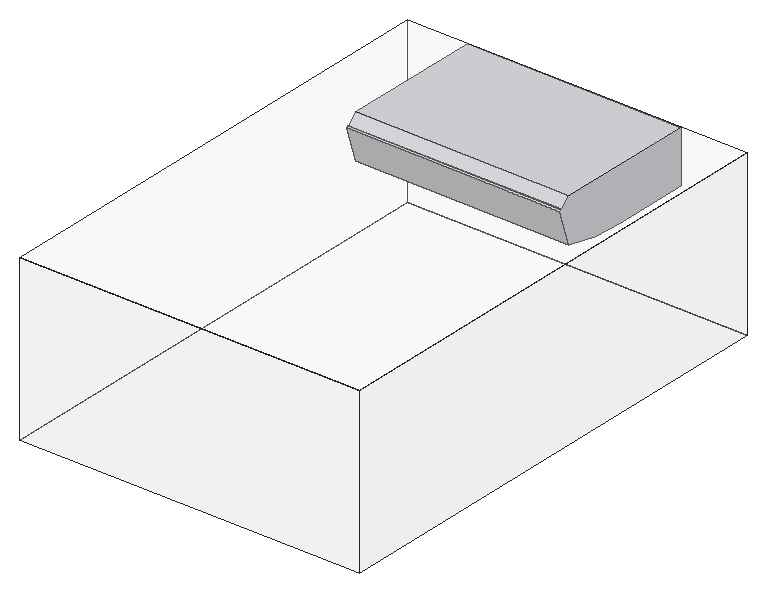
Revit family "pcfy-mp45_160km_60Hz", category 機械設備, Revit 2019
Family settings
  丸型コネクタ寸法 = 直径を使用
  パーツ タイプ = 標準
  OmniClass 番号 = 23.75.10.24.21.27.27
  OmniClass タイトル = Split System Air Conditioning Units
  作業面ベース = いいえ
  常に垂直 = はい
  ロード時にボイドで切り取り = いいえ
  共有 = いいえ
  部屋計算ポイント = はい
Parameters (values of type "天吊_PCFY-MP45KM")
  風量_弱 (㎥/min) = 9
  風量_中2 (㎥/min) = 10
  風量_中 (㎥/min) = 11
  風量_強 (㎥/min) = 12
  風量 = MAX風量  # 720.0 m³/h
  音響パワーレベル_弱 (dB) = 48
  音響パワーレベル_中2 (dB) = 49
  音響パワーレベル_中 (dB) = 51
  音響パワーレベル_強 (dB) = 53
  音響パワーレベル (dB) = [音響パワーレベル_強 (dB)]  # 53
  電源種別 = ""
  電源_H = 0 mm
  電圧 = 200 V
  電動機出力_送風機 = 0.09 kW
  運転質量 = 0.00 kg
  連動 = ""
  質量 = if(製品質量 > 運転質量, 製品質量, 運転質量) * 1.2  # 28.80 kg
  負荷分類 = 3_ファン類
  説明 = "ビル用マルチ 天吊形室内機"
  設計暖房能力 = 0.00 kW
  設計冷房能力_顕熱 = 0 kW
  設計冷房能力 = 0 kW
  設置方法 = "天井吊形"
  記号 = ""
  製造元 = "三菱電機株式会社"
  製品質量 = 24.00 kg
  製品出荷対象 = "国内"
  製品リリース年月 = ""
  製品グループ = ""
  系統 = ""
  符号 = "ACP-CR"
  積算_科目 = "1 空気調和設備"
  積算_拾い区分 [instance] = ""
  相 = 1
  盤記号 = ""
  発停方法 = "付属スイッチ"
  特殊仕様 = ""
  点検口離隔 [instance] = if(点検口離隔入力値 > 200 mm, 200 mm, if(点検口離隔入力値 < 150 mm, 150 mm, 点検口離隔入力値))  # 150 mm
  点検口離隔入力値 [instance] = 0 mm
  点検口設置範囲 = 0 mm
  点検口 = yes
  火災停止 = ""
  消費電力_暖房 = 0.04 kW
  消費電力_冷房 = 0.05 kW
  消費電力 = if(消費電力_冷房 > 消費電力_暖房, 消費電力_冷房, 消費電力_暖房)  # 0.05 kW
  法定耐用年数 = "6"
  極数 = 1
  材質 = ""
  本体マテリアル = none
  有効加湿量 = 0
  暖房能力 = 5.00 kW
  推奨ブレーカー容量 = 0 A
  形式_加湿器 = ""
  形式 = "天井吊（露出）形"
  幹線記号 = ""
  始動方式 = "直入"
  呼称 = "室内機_天井吊(露出)形"
  周波数 = 60 Hz
  吊り位置Y = 320 mm
  吊り位置X = 917 mm
  吊りボルト_H = 50 mm
  台数_手元リモコン = ""
  台数_冷媒分岐ユニット = ""
  参照している仕様書等のバージョン = "公共建築物標準仕様書（機械設備工事編）平成31年度版"
  分類コード = "50053003221080"
  分類グループ = ""
  冷房能力 = 4.5 kW
  冷媒管径符号 = "Ac"
  冷媒管径 = 100.00 mm
  冷媒液管高さ = 126 mm
  冷媒液管長さ = 184 mm
  冷媒液管径 = 6.35 mm
  冷媒ガス管高さ = 126 mm
  冷媒ガス管長さ = 203 mm
  冷媒ガス管径 = 12.70 mm
  企業コード = "108420"
  付属品_フィルター = ""
  付属品 = ""
  仕様書バージョン = "Version1.0"
  モデル = "PCFY-MP45KM"
  パネルマテリアル = none
  ドレン管高さ = 190 mm
  ドレン管径 (外径) = 26.00 mm
  ドレン管径 = 20.00 mm
  サービススペース = yes
  コメント [instance] = ""
  ケーブル種類 = ""
  ケーブルサイズ = 0 mm
  【値が 0 の項目は組合せ形名にてご確認ください】 = ""
  Width = 960 mm
  Version = ""
  Uniclass2015Version = "Systems v1.9"
  Uniclass2015Title = "Split coil remote air cooled condensing units"
  Uniclass2015Code = "Pr_70_65_03_84"
  URL = "https://www.mitsubishielectric.co.jp/ldg/wink/ssl/top.do"
  SpecificationReference = ""
  SpecificationDescription = ""
  Revision = ""
  ProductInformation = ""
  OmniClassCode = "23-33 17 13 11"
  MIN風量 = [風量_弱 (㎥/min)] * 60.0 m³/h  # 540.0 m³/h
  MID風量2 = [風量_中2 (㎥/min)] * 60.0 m³/h  # 600.0 m³/h
  MID風量 = [風量_中 (㎥/min)] * 60.0 m³/h  # 660.0 m³/h
  MAX風量 = [風量_強 (㎥/min)] * 60.0 m³/h  # 720.0 m³/h
  IfcTypeProduct = ""
  IfcProduct = ""
  IfcExportType = "AIRCONDITIONINGUNIT"
  IfcExportAs = "IfcUnitaryEquipmentType"
  Height_本体 = 230 mm
  Height = Height_本体 + 6 mm  # 236 mm
  Depth = 680 mm
  Clearance Top = 1 mm
  Clearance Right = 300 mm  # constant formula
  Clearance Left = 270 mm  # constant formula
  Clearance Front = 1500 mm
  Clearance Bottom = 500 mm  # constant formula
  Clearance Back = 0 mm  # constant formula
  Author = "三菱電機株式会社"
Types (8, lengths in mm): name | 風量_弱 (㎥/min) | 風量_中2 (㎥/min) | 風量_中 (㎥/min) | 風量_強 (㎥/min) | 風量 | 音響パワーレベル_弱 (dB) | 音響パワーレベル_中2 (dB) | 音響パワーレベル_中 (dB) | 音響パワーレベル_強 (dB) | 音響パワーレベル (dB) | 電動機出力_送風機 | 質量 | 製品質量 | 消費電力_暖房 | 消費電力_冷房 | 消費電力 | 暖房能力 | 吊り位置X | 冷房能力 | 冷媒管径符号 | 冷媒液管径 | 冷媒ガス管長さ | 冷媒ガス管径 | モデル | Width | MIN風量 | MID風量2 | MID風量 | MAX風量
  天吊_PCFY-MP45KM | 9 | 10 | 11 | 12 | 720.0 m³/h | 48 | 49 | 51 | 53 | 53 | 0.09 kW | 28.80 kg | 24.00 kg | 0.04 kW | 0.05 kW | 0.05 kW | 5.00 kW | 917 | 4.5 kW | "Ac" | 6.35 | 203 | 12.70 | "PCFY-MP45KM" | 960 | 540.0 m³/h | 600.0 m³/h | 660.0 m³/h | 720.0 m³/h
  天吊_PCFY-MP56KM | 10 | 11 | 12 | 13 | 780.0 m³/h | 49 | 51 | 53 | 55 | 55 | 0.09 kW | 28.80 kg | 24.00 kg | 0.05 kW | 0.06 kW | 0.06 kW | 6.30 kW | 917 | 5.6 kW | "Ac" | 6.35 | 203 | 12.70 | "PCFY-MP56KM" | 960 | 600.0 m³/h | 660.0 m³/h | 720.0 m³/h | 780.0 m³/h
  天吊_PCFY-MP71KM | 14 | 15 | 16 | 18 | 1080.0 m³/h | 52 | 53 | 54 | 55 | 55 | 0.095 kW | 38.40 kg | 32.00 kg | 0.07 kW | 0.08 kW | 0.08 kW | 8.00 kW | 1237 | 7.1 kW | "Bd" | 9.52 | 200 | 15.88 | "PCFY-MP71KM" | 1280 | 840.0 m³/h | 900.0 m³/h | 960.0 m³/h | 1080.0 m³/h
  天吊_PCFY-MP80KM | 14 | 15 | 16 | 18 | 1080.0 m³/h | 52 | 53 | 54 | 55 | 55 | 0.095 kW | 38.40 kg | 32.00 kg | 0.07 kW | 0.08 kW | 0.08 kW | 9.00 kW | 1237 | 8 kW | "Bd" | 9.52 | 200 | 15.88 | "PCFY-MP80KM" | 1280 | 840.0 m³/h | 900.0 m³/h | 960.0 m³/h | 1080.0 m³/h
  天吊_PCFY-MP90KM | 15 | 16 | 18 | 20 | 1200.0 m³/h | 54 | 55 | 56 | 58 | 58 | 0.095 kW | 38.40 kg | 32.00 kg | 0.08 kW | 0.09 kW | 0.09 kW | 10.00 kW | 1237 | 9 kW | "Bd" | 9.52 | 200 | 15.88 | "PCFY-MP90KM" | 1280 | 900.0 m³/h | 960.0 m³/h | 1080.0 m³/h | 1200.0 m³/h
  天吊_PCFY-MP112KM | 20 | 22 | 25 | 28 | 1680.0 m³/h | 55 | 57 | 59 | 61 | 61 | 0.16 kW | 43.20 kg | 36.00 kg | 0.13 kW | 0.14 kW | 0.14 kW | 12.50 kW | 1557 | 11.2 kW | "Bd" | 9.50 | 200 | 15.88 | "PCFY-MP112KM" | 1600 | 1200.0 m³/h | 1320.0 m³/h | 1500.0 m³/h | 1680.0 m³/h
  天吊_PCFY-MP140KM | 21 | 24 | 27 | 31 | 1860.0 m³/h | 57 | 59 | 61 | 63 | 63 | 0.16 kW | 45.60 kg | 38.00 kg | 0.15 kW | 0.16 kW | 0.16 kW | 16.00 kW | 1557 | 14 kW | "Bd" | 9.52 | 200 | 15.88 | "PCFY-MP140KM" | 1600 | 1260.0 m³/h | 1440.0 m³/h | 1620.0 m³/h | 1860.0 m³/h
  天吊_PCFY-MP160KM | 21 | 24 | 27 | 31 | 1860.0 m³/h | 58 | 60 | 62 | 64 | 64 | 0.16 kW | 46.80 kg | 39.00 kg | 0.18 kW | 0.19 kW | 0.19 kW | 18.00 kW | 1557 | 16 kW | "Bd" | 9.52 | 200 | 15.88 | "PCFY-MP160KM" | 1600 | 1260.0 m³/h | 1440.0 m³/h | 1620.0 m³/h | 1860.0 m³/h
Reference planes
  plane 1 "中心(正面/背面)": y = 0
  plane 2: z = 0
  plane 3 "中心(左/右)": x = 0
  plane 4: z = 236
  plane 5: x = -458.5
  plane 6: x = 458.5
  plane 7: y = 260
  plane 8: y = -60
  plane 9: y = 340
  plane 10: y = -340
  plane 11: x = -480
  plane 12: x = 480
  plane 13: x = -750
  plane 14: x = 780
  plane 15: y = 340
  plane 16: y = -1840
  plane 17: z = 237
  plane 18: z = -1020
  plane 19: z = -500
  plane 20: x = -662
Dimensions and locks
  "吊り位置X": plane 5 to plane 6
  equal spacing: plane 5, plane 3 "中心(左/右)", plane 6
  "吊り位置Y": plane 8 to plane 7
  equal spacing: plane 10, plane 1 "中心(正面/背面)", plane 9
  "Depth": plane 10 to plane 9
  equal spacing: plane 11, plane 3 "中心(左/右)", plane 12
  "Width": plane 11 to plane 12
  "Clearance Back": plane 9 to plane 15
  "Clearance Front": plane 16 to plane 10
  "Clearance Right": plane 12 to plane 14
  "Clearance Left": plane 13 to plane 11
  "Height": plane 4 to level
  locked: plane 7 to plane 9 at 80
  "Clearance Bottom": level to plane 19
  "Clearance Top": plane 17 to plane 4
  aligned and locked: level to plane 2
  aligned and locked: plane 5 to nested 2
  aligned and locked: plane 6 to nested 2
  aligned and locked: nested 2 to plane 7
  aligned and locked: plane 8 to nested 2
  aligned and locked: nested 1 to plane 13
  aligned and locked: nested 1 to plane 14
  aligned and locked: plane 16 to nested 1
  aligned and locked: plane 15 to nested 1
  aligned and locked: plane 17 to nested 1
  aligned and locked: plane 1 "中心(正面/背面)" to nested 3
  aligned and locked: plane 3 "中心(左/右)" to nested 3
  aligned and locked: plane 19 to nested 1
Nested families
  nested 1: "サービススペース" at (15, -750, -131.5), visible <- "サービススペース", type "サービススペース"
    with Width 1530 mm, Height 737 mm, Depth 2180 mm
  nested 2: "固定点" at (-458.5, -60, 0), type "固定点"
    with W 917 mm, D 320 mm
  nested 3: "PCFY-P-KMG" at (0, 0, 0), type "PCFY-P-KMG", detail levels fine
Connectors
  electrical at (196, 339, 206), driven by "極数", driven by "負荷分類", driven by "電圧", driven by "消費電力"
    settings: on nested 3, index 1, voltage 200 V, apparent load 50 VA, apparent load phase1 0 VA, apparent load phase2 0 VA, apparent load phase3 0 VA, power factor 1, load classification "3_ファン類", number of poles 1, system type 30, power factor state 1, is connector primary yes, connector utility no, sub classification motor no, connector description ""
  piping at (351.5, 140, 110), diameter 6.35, driven by "冷媒液管径"
    settings: on nested 3, index 2, connector inside diameter 609.60 mm, connector length 0 mm, flow factor 0, pipe flow 0.0 L/s, pressure drop 0.0 Pa, fitting loss kfactor 0, connector angle 0.00°, fixture units 0, engagement length 0 mm, angle of deflection 0.00°, flow configuration 1, flow direction 1, fitting loss method 4, system type 7, joint type 0, gender type 0, connector reference index -1, connector utility 0, adjustable connector no, is connector primary yes, connector description ""
  piping at (342, 94, 46), diameter 20, driven by "ドレン管径"
    settings: on nested 3, index 3, connector inside diameter 609.60 mm, connector length 0 mm, flow factor 0, pipe flow 0.0 L/s, pressure drop 0.0 Pa, fitting loss kfactor 0, connector angle 0.00°, fixture units 0, engagement length 0 mm, angle of deflection 0.00°, flow configuration 1, flow direction 2, fitting loss method 0, system type 16, joint type 0, gender type 0, connector reference index -1, connector utility 0, adjustable connector no, is connector primary no, connector description ""
  piping at (-405, 94, 46), diameter 20, driven by "ドレン管径"
    settings: on nested 3, index 4, connector inside diameter 609.60 mm, connector length 0 mm, flow factor 0, pipe flow 0.0 L/s, pressure drop 0.0 Pa, fitting loss kfactor 0, connector angle 0.00°, fixture units 0, engagement length 0 mm, angle of deflection 0.00°, flow configuration 1, flow direction 2, fitting loss method 4, system type 16, joint type 0, gender type 0, connector reference index -1, connector utility 0, adjustable connector no, is connector primary no, connector description ""
Definition of nested family "サービススペース"
  Parameters (values of type "サービススペース")
    Width [instance] = 500 mm
    Height [instance] = 500 mm
    Depth [instance] = 500 mm
  Reference planes
    plane 1 "中心(正面/背面)": y = 0
    plane 2: z = 0
    plane 3 "中心(左/右)": x = 0
    plane 4: y = -250
    plane 5: x = 250
    plane 6: y = 250
    plane 7: x = -250
    plane 8: z = 250
    plane 9: z = -250
  Forms (mm)
    Extrusion 1, solid
      sketch origin (-638.939, 0, 72.39) x (1, 0, 0) y (0, 1, 0)
        loop
          line (388.939, 250) -> (388.939, -250) -> (888.939, -250) -> (888.939, 250) -> (388.939, 250)
      from -322.39 to 177.61
  Lines and regions (mm)
    symbolic lines
      curve 1: line (-250, 0, 250) -> (250, 0, 250)
      curve 2: line (-250, 0, -250) -> (-250, 0, 250)
      curve 3: line (250, 0, -250) -> (-250, 0, -250)
      curve 4: line (250, 0, 250) -> (250, 0, -250)
      curve 5: line (0, -250, 250) -> (0, 250, 250)
      curve 6: line (0, -250, -250) -> (0, -250, 250)
      curve 7: line (0, 250, -250) -> (0, -250, -250)
      curve 8: line (0, 250, 250) -> (0, 250, -250)
      curve 9: line (-250, 250, 0) -> (250, 250, 0)
      curve 10: line (-250, -250, 0) -> (-250, 250, 0)
      curve 11: line (250, -250, 0) -> (-250, -250, 0)
      curve 12: line (250, 250, 0) -> (250, -250, 0)
  Dimensions and locks
    equal spacing: plane 7, plane 3 "中心(左/右)", plane 5
    equal spacing: plane 4, plane 1 "中心(正面/背面)", plane 6
    "Depth": plane 4 to plane 6
    "Width": plane 7 to plane 5
    equal spacing: plane 8, plane 2, plane 9
    "Height": plane 8 to plane 9
    aligned and locked: plane 9 to curve 3
    aligned and locked: plane 7 to curve 2
    aligned and locked: curve 4 to plane 5
    aligned and locked: plane 5 to Extrusion 1
    aligned and locked: Extrusion 1 to plane 7
    aligned and locked: Extrusion 1 to plane 9
    aligned and locked: plane 8 to Extrusion 1
    aligned and locked: plane 9 to curve 7
  Automatic sketch dimensions
    plane 4 to Extrusion 1 sketch curve = 0 mm
    Extrusion 1 sketch curve to plane 7 = 0 mm
    Extrusion 1 sketch curve to plane 5 = 0 mm
    plane 6 to Extrusion 1 sketch curve = 0 mm
    curve 2 to plane 8 = 0 mm
    plane 4 to curve 11 = 0 mm
    curve 11 to plane 7 = 0 mm
    curve 11 to plane 5 = 0 mm
    plane 6 to curve 10 = 0 mm
    curve 7 to plane 4 = 0 mm
    curve 7 to plane 6 = 0 mm
    curve 6 to plane 8 = 0 mm
Definition of nested family "PCFY-P-KMG"
  Parameters (values of type "PCFY-P-KMG")
    配線取出口サイズ = 22 mm
    配線取出口-Z = 0 mm
    配線取出口-Y = 0 mm
    配線取出口-X = 0 mm
    液配管サイズ = 100 mm
    高さ = 236 mm
    奥行き = 680 mm
    吊りボルト_H = 50 mm
    冷媒配管サイズ = 6.35 mm
    冷媒液管径-Z = 0 mm
    冷媒液管径-Y = 0 mm
    冷媒液管径-X = 0 mm
    冷媒ガス管径-Z = 0 mm
    冷媒ガス管径-Y = 0 mm
    冷媒ガス管径-X = 0 mm
    吊りボルト-W = 917 mm
    マテリアル = none
    ドレン配管サイズ = 26 mm
    ドレン管径-Z = 0 mm
    ドレン管径-Y = 0 mm
    ドレン管径-X = 0 mm
    ガス配管サイズ = 12.7 mm
    吊りボルト-D = 320 mm
    幅さ = 960 mm
  Reference planes
    plane 1 "中心(正面/背面)": y = 0
    plane 2: z = 0
    plane 3 "中心(左/右)": x = 0
    plane 4: z = 236
    plane 5: x = -480
    plane 6: x = 480
    plane 7: y = 340
    plane 8: y = -340
    plane 9: y = -289
    plane 10: y = -330
    plane 11: y = -335
    plane 12: z = 84
    plane 13: z = 172
    plane 14: z = 195
    plane 15: z = 200
    plane 16: z = 40
    plane 17: x = -426.5
    plane 18: x = 426.5
    plane 19: x = 373
    plane 20: y = -136
    plane 21: y = -193
    plane 22: y = 86
    plane 23: z = 110
    plane 24: z = 46
    plane 25: x = -469
    plane 26: y = 156
    plane 27: y = 137
    plane 28: y = 94
    plane 29: x = -158
    plane 30: z = 206
    plane 31: x = -405
    plane 32: x = 342
    plane 33: x = 394
    plane 34: x = 309
    plane 35: x = 196
    plane 36: x = 168
    plane 37: y = 140
  Forms (mm)
    Extrusion 1, solid, material <- "マテリアル"
      sketch origin (480, 1296.25, 1200) x (0, 1, 0) y (0, 0, 1)
        loop
          line (-1585.25, -964) -> (-1626.25, -1000) -> (-1631.25, -1000) -> (-1636.25, -1005) -> (-1585.25, -1160)
          arc (-1585.25, -1160) -> (-1442.128, -1189.953) -> (-1296.25, -1200) r 1064.013
          line (-1296.25, -1200) -> (-956.25, -1200) -> (-956.25, -964) -> (-1585.25, -964)
      from -960 to 0
    Extrusion 2, solid, material <- "マテリアル"
      sketch origin (674, 0, 0) x (1, 0, 0) y (0, 0, 1)
        loop
          circle (-478, 206) r 11
      from -339 to -340
    Extrusion 3, solid, material <- "マテリアル"
      sketch origin (0, 0, 0) x (-1, 0, 0) y (0, 0, -1)
        loop
          circle (-394, -110) r 6.35
      from -140 to -37
    Extrusion 4, solid, material <- "マテリアル"
      sketch origin (0, 0, 0) x (-1, 0, 0) y (0, 0, -1)
        loop
          circle (-351.5, -110) r 50
      from -140 to -37
    Extrusion 5, solid, material <- "マテリアル"
      sketch origin (0, 0, 0) x (-1, 0, 0) y (0, 0, -1)
        loop
          circle (-309, -110) r 3.175
      from -156 to -56
    Extrusion 6, solid, material <- "マテリアル"
      sketch origin (0, 0, 0) x (-1, 0, 0) y (0, 0, -1)
        loop
          circle (405, -46) r 13
        loop
          circle (-342, -46) r 13
      from -94 to 6
    Extrusion 7, solid, material <- "マテリアル"
      sketch origin (646, 0, 0) x (1, 0, 0) y (0, 0, 1)
        loop
          circle (-478, 206) r 11
      from -339 to -340
    Extrusion 8, solid, material <- "マテリアル"
      sketch origin (674, 0, -169) x (1, 0, 0) y (0, 0, 1)
        loop
          circle (-478, 206) r 11
      from -339 to -340
    Extrusion 9, solid, material <- "マテリアル"
      sketch origin (646, 0, -169) x (1, 0, 0) y (0, 0, 1)
        loop
          circle (-478, 206) r 11
      from -339 to -340
  Lines and regions (mm)
    model lines
      curve 1: line (426.5, -303.59, 84.341) -> (426.5, -332.355, 171.766)
      curve 2: line (426.5, -332.355, 171.766) -> (-426.5, -332.355, 171.766)
      curve 3: line (-426.5, -303.59, 84.341) -> (426.5, -303.59, 84.341)
      curve 4: line (-426.5, -332.355, 171.766) -> (-426.5, -303.59, 84.341)
      curve 5: line (-426.5, 310, 0) -> (-426.5, 86, 0)
      curve 6: line (426.5, 310, 0) -> (426.5, 86, 0)
      curve 7: line (426.5, 310, 0) -> (-426.5, 310, 0)
      curve 8: line (426.5, 86, 0) -> (-426.5, 86, 0)
      curve 9: line (426.5, 294, 0) -> (-426.5, 294, 0)
      curve 10: line (426.5, 278, 0) -> (-426.5, 278, 0)
      curve 11: line (426.5, 262, 0) -> (-426.5, 262, 0)
      curve 12: line (426.5, 246, 0) -> (-426.5, 246, 0)
      curve 13: line (426.5, 230, 0) -> (-426.5, 230, 0)
      curve 14: line (426.5, 214, 0) -> (-426.5, 214, 0)
      curve 15: line (426.5, 198, 0) -> (-426.5, 198, 0)
      curve 16: line (426.5, 182, 0) -> (-426.5, 182, 0)
      curve 17: line (426.5, 166, 0) -> (-426.5, 166, 0)
      curve 18: line (426.5, 150, 0) -> (-426.5, 150, 0)
      curve 19: line (426.5, 134, 0) -> (-426.5, 134, 0)
      curve 20: line (426.5, 118, 0) -> (-426.5, 118, 0)
      curve 21: line (426.5, 102, 0) -> (-426.5, 102, 0)
  Dimensions and locks
    equal spacing: plane 8, plane 1 "中心(正面/背面)", plane 7
    "奥行き": plane 8 to plane 7
    equal spacing: plane 5, plane 3 "中心(左/右)", plane 6
    "幅さ": plane 5 to plane 6
    "高さ": plane 4 to level
    locked: plane 8 to plane 11 at 5
    locked: plane 8 to plane 10 at 10
    locked: plane 8 to plane 9 at 51
    locked: plane 12 to level at 84
    locked: plane 14 to level at 195
    locked: plane 15 to level at 200
    locked: plane 16 to level at 40
    plane 17 to plane 18 = 853 mm
    locked: plane 5 to plane 17 at 53.5
    locked: plane 18 to plane 6 at 53.5
    locked: plane 13 to plane 12 at 88
    locked: plane 21 to plane 20 at 57
    locked: plane 20 to plane 7 at 476
    locked: plane 22 to plane 7 at 254
    locked: plane 4 to plane 23 at 126
    locked: plane 4 to plane 24 at 190
    locked: plane 28 to plane 7 at 246
    locked: plane 26 to plane 7 at 184
    locked: plane 27 to plane 7 at 203
    locked: plane 5 to plane 29 at 322
    locked: plane 4 to plane 30 at 30
    plane 33 to plane 6 = 86 mm
    plane 34 to plane 33 = 85 mm
    plane 32 to plane 6 = 138 mm
    plane 5 to plane 31 = 75 mm
    plane 6 to plane 35 = 284 mm
    plane 35 to plane 36 = 28 mm
    "配線取出口サイズ": diameter of Extrusion 2 sketch curve
    "ガス配管サイズ": diameter of Extrusion 3 sketch curve
    "液配管サイズ": diameter of Extrusion 4 sketch curve
    "冷媒配管サイズ": diameter of Extrusion 5 sketch curve
    "ドレン配管サイズ": diameter of Extrusion 6 sketch curve  (x2)
    "配線取出口サイズ": diameter of Extrusion 7 sketch curve
    "配線取出口サイズ": diameter of Extrusion 8 sketch curve
    "配線取出口サイズ": diameter of Extrusion 9 sketch curve
    aligned and locked: level to plane 2
    aligned and locked: Extrusion 1 sketch curve to plane 4
    aligned and locked: Extrusion 1 sketch curve to plane 7
    aligned and locked: Extrusion 1 sketch curve to level
    aligned and locked: plane 15 to Extrusion 1 sketch curve
    aligned and locked: plane 14 to Extrusion 1 sketch curve
    aligned and locked: plane 16 to Extrusion 1 sketch curve
    aligned and locked: Extrusion 1 to plane 5
    aligned and locked: plane 6 to Extrusion 1
    aligned and locked: curve 4 to plane 17
    aligned and locked: plane 18 to curve 1
    aligned and locked: curve 5 to plane 17
    aligned and locked: curve 6 to plane 18
    aligned and locked: curve 8 to plane 22
    aligned and locked: plane 30 to Extrusion 2 sketch curve
    aligned and locked: plane 7 to Extrusion 2
  Automatic sketch dimensions
    plane 7 to curve 7 = 30 mm
    curve 21 to plane 28 = 8 mm
    curve 21 to curve 20 = 16 mm
    plane 27 to curve 19 = 3 mm
    plane 26 to curve 18 = 6 mm
    curve 17 to plane 26 = 10 mm
    curve 17 to curve 16 = 16 mm
    curve 16 to curve 15 = 16 mm
    curve 15 to curve 14 = 16 mm
    curve 14 to curve 13 = 16 mm
    curve 13 to curve 12 = 16 mm
    curve 12 to curve 11 = 16 mm
    curve 11 to curve 10 = 16 mm
    curve 10 to curve 9 = 16 mm
    Extrusion 1 sketch curve to plane 8 = 0 mm
    Extrusion 1 sketch curve to plane 11 = 0 mm
    Extrusion 1 sketch curve to plane 10 = 0 mm
    Extrusion 1 sketch curve to plane 9 = 0 mm  (x2)
    Extrusion 1 sketch curve to plane 1 "中心(正面/背面)" = 0 mm
    Extrusion 1 to curve 1 = 24.459 mm
    curve 3 to Extrusion 1 = 46.68 mm
    Extrusion 1 to curve 4 = 53.5 mm
    Extrusion 1 to curve 3 = 53.5 mm
    Extrusion 2 sketch curve to plane 35 = 0 mm
    Extrusion 3 sketch curve to plane 23 = 0 mm
    Extrusion 3 sketch curve to plane 33 = 0 mm
    Extrusion 4 sketch curve to plane 23 = 0 mm
    Extrusion 4 sketch curve to plane 32 = 9.5 mm
    Extrusion 5 sketch curve to plane 23 = 0 mm
    Extrusion 5 sketch curve to plane 34 = 0 mm
    Extrusion 6 sketch curve to plane 24 = 0 mm  (x2)
    Extrusion 6 sketch curve to plane 32 = 0 mm
    Extrusion 6 sketch curve to plane 31 = 0 mm
    Extrusion 7 sketch curve to plane 30 = 0 mm
    Extrusion 7 sketch curve to plane 36 = 0 mm
    Extrusion 8 sketch curve to plane 35 = 0 mm
    Extrusion 8 sketch curve to plane 16 = 3 mm
    Extrusion 9 sketch curve to plane 36 = 0 mm
    Extrusion 9 sketch curve to plane 16 = 3 mm
Definition of nested family "固定点"
  Parameters (values of type "固定点")
    中心円 = 20 mm
    W [instance] = 1000 mm
    D [instance] = 1000 mm
  Reference planes
    plane 1 "中心(正面/背面)": y = 0
    plane 2: z = 0
    plane 3 "中心(左/右)": x = 0
    plane 4: x = 1000
    plane 5: y = 1000
  Lines and regions (mm)
    symbolic lines, detail levels fine
      curve 1: circle (0, 1000, 0) r 10 normal (0, 0, 1)
      curve 2: circle (0, 0, 0) r 10 normal (0, 0, 1)
      curve 3: circle (1000, 1000, 0) r 10 normal (0, 0, 1)
      curve 4: circle (1000, 0, 0) r 10 normal (0, 0, 1)
      curve 5: line (-200, 1000, 0) -> (1200, 1000, 0)
      curve 6: line (-200, 0, 0) -> (1200, 0, 0)
      curve 7: line (0, 1200, 0) -> (0, -200, 0)
      curve 8: line (1000, 1200, 0) -> (1000, -200, 0)
  Dimensions and locks
    "W": plane 3 "中心(左/右)" to plane 4
    "D": plane 1 "中心(正面/背面)" to plane 5
    "中心円": diameter of curve 1
    "中心円": diameter of curve 2
    "中心円": diameter of curve 3
    "中心円": diameter of curve 4
    aligned and locked: level to plane 2
    aligned and locked: plane 5 to curve 1
    aligned and locked: plane 3 "中心(左/右)" to curve 1
    aligned and locked: plane 3 "中心(左/右)" to curve 2
    aligned and locked: plane 1 "中心(正面/背面)" to curve 2
    aligned and locked: plane 4 to curve 3
    aligned and locked: plane 5 to curve 3
    aligned and locked: plane 1 "中心(正面/背面)" to curve 4
    aligned and locked: plane 4 to curve 4
    aligned and locked: plane 1 "中心(正面/背面)" to curve 6
    aligned and locked: curve 7 to plane 3 "中心(左/右)"
    aligned and locked: curve 8 to plane 4
  Automatic sketch dimensions
    curve 5 to plane 5 = 0 mm
    curve 6 to plane 3 "中心(左/右)" = 200 mm
    curve 5 to plane 3 "中心(左/右)" = 200 mm
    curve 4 to curve 6 = 200 mm
    curve 3 to curve 5 = 200 mm
    plane 1 "中心(正面/背面)" to curve 8 = 200 mm
    plane 1 "中心(正面/背面)" to curve 7 = 200 mm
    curve 3 to curve 8 = 200 mm
    curve 1 to curve 7 = 200 mm
